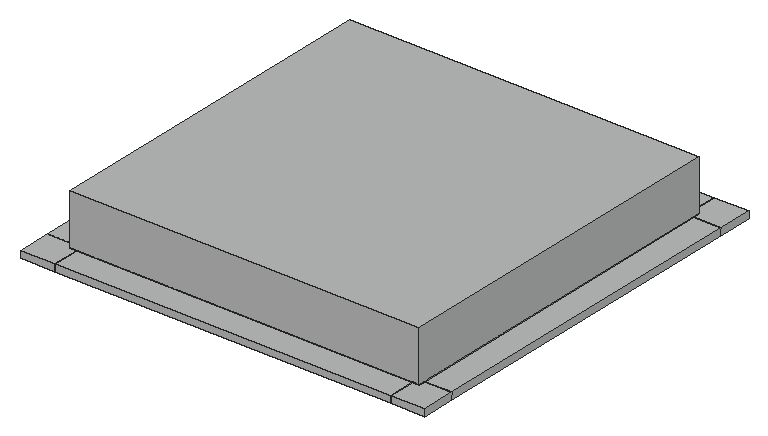
Revit family "ALUMOGIPS", category Осветительные приборы, Revit 2019 (continued)
Types (72, lengths in mm): name | Файл фотометрической сетки | built-in parameter 1150105 | Lumens | built-in parameter 1150106 | built-in parameter 1150142 | Wattage | Emit from Rectangle Width | Emit from Rectangle Length | Длина | Материал светильника | Ширина | ADSK_Ток | ADSK_Полная мощность | ADSK_Обозначение | ADSK_Номинальная мощность | ADSK_Наименование | ADSK_Масса | ADSK_Код изделия
    395 0.395 0.395 0.395 0.395 0.395 0.296 0.296 0.296 0.296 0.296 0.296 0.296 0.296 0.197 \r\n0.197 0.197 0.197 0.197 0.197 0.197 0.197 0.098 0.098 0.098 0.098 0.098 0.098 0.098 0.098 0.000 0.000 0.000 0.000 \r\n1417.637 1418.229 1415.861 1411.421 1404.415 1394.746 1382.512 1367.219 1349.656 1329.626 1307.821 1283.549 1257.403 1229.579 1199.782 1168.209 1135.155 1100.523 \r\n1064.708 1027.609 989.425 950.057 909.998 868.855 827.317 784.989 742.365 699.347 655.538 611.928 568.021 523.622 480.110 436.006 392.100 348.884 306.556 265.017 224.860 185.591 \r\n146.026 110.605 77.157 45.781 17.464 0.592 0.592 0.493 0.493 0.493 0.493 0.493 0.493 0.493 0.493 0.395 0.395 0.395 0.395 0.395 0.395 0.395 0.395 0.296 0.296 0.296 0.296 0.296 0.296 0.296 0.296 0.197 \r\n0.197 0.197 0.197 0.197 0.197 0.197 0.197 0.098 0.098 0.098 0.098 0.098 0.098 0.098 0.098 0.000 0.000 0.000 0.000 \r\n1417.637 1418.130 1415.762 1411.223 1404.218 1394.450 1382.216 1366.824 1349.261 1329.231 1307.427 1283.056 1256.910 1228.987 1199.190 1167.616 1134.563 1099.833 \r\n1064.016 1026.918 988.833 949.367 909.308 868.165 826.625 784.298 741.674 698.656 654.946 611.336 567.430 523.030 479.518 435.414 391.606 348.391 306.063 264.623 224.465 185.196 \r\n145.730 110.309 76.861 45.485 17.266 0.592 0.592 0.493 0.493 0.493 0.493 0.493 0.493 0.493 0.493 0.395 0.395 0.395 0.395 0.395 0.395 0.395 0.395 0.296 0.296 0.296 0.296 0.296 0.296 0.296 0.296 0.197 \r\n0.197 0.197 0.197 0.197 0.197 0.197 0.197 0.098 0.098 0.098 0.098 0.098 0.098 0.098 0.098 0.000 0.000 0.000 0.000 \r\n1417.637 1418.130 1415.565 1411.026 1403.922 1394.154 1381.919 1366.527 1348.866 1328.837 1306.933 1282.563 1256.416 1228.494 1198.597 1167.024 1133.873 1099.241 \r\n1063.425 1026.228 988.143 948.676 908.519 867.474 825.935 783.608 740.983 698.064 654.256 610.646 566.739 522.438 478.926 434.822 391.014 347.897 305.569 264.229 224.072 184.901 \r\n145.434 110.013 76.565 45.288 17.069 0.592 0.592 0.493 0.493 0.493 0.493 0.493 0.493 0.493 0.493 0.395 0.395 0.395 0.395 0.395 0.395 0.395 0.395 0.296 0.296 0.296 0.296 0.296 0.296 0.296 0.296 0.197 \r\n0.197 0.197 0.197 0.197 0.197 0.197 0.197 0.098 0.098 0.098 0.098 0.098 0.098 0.098 0.098 0.000 0.000 0.000 0.000 \r\n1417.637 1418.031 1415.466 1410.928 1403.725 1393.858 1381.524 1366.133 1348.472 1328.443 1306.440 1282.070 1255.824 1227.901 1198.006 1166.433 1133.280 1098.550 \r\n1062.735 1025.537 987.451 947.887 907.829 866.784 825.244 782.916 740.293 697.373 653.565 610.053 566.147 521.747 478.334 434.328 390.521 347.404 305.175 263.735 223.677 184.506 \r\n145.039 109.717 76.368 44.992 16.871 0.592 0.592 0.493 0.493 0.493 0.493 0.493 0.493 0.493 0.493 0.395 0.395 0.395 0.395 0.395 0.395 0.395 0.395 0.296 0.296 0.296 0.296 0.296 0.296 0.296 0.296 0.197 \r\n0.197 0.197 0.197 0.197 0.197 0.197 0.197 0.098 0.098 0.098 0.098 0.098 0.098 0.098 0.098 0.000 0.000 0.000 0.000 \r\n1417.637 1418.031 1415.368 1410.730 1403.527 1393.562 1381.229 1365.738 1348.077 1327.949 1306.045 1281.575 1255.331 1227.310 1197.414 1165.841 1132.689 1097.958 \r\n1062.043 1024.846 986.761 947.196 907.137 866.092 824.554 782.226 739.602 696.683 652.973 609.363 565.456 521.155 477.742 433.737 390.028 346.910 304.681 263.341 223.282 184.111 \r\n144.743 109.421 76.072 44.794 16.576 0.592 0.592 0.493 0.493 0.493 0.493 0.493 0.493 0.493 0.493 0.395 0.395 0.395 0.395 0.395 0.395 0.395 0.395 0.296 0.296 0.296 0.296 0.296 0.296 0.296 0.296 0.197 \r\n0.197 0.197 0.197 0.197 0.197 0.197 0.197 0.098 0.098 0.098 0.098 0.098 0.098 0.098 0.098 0.000 0.000 0.000 0.000 \r\n1417.637 1417.932 1415.268 1410.533 1403.232 1393.365 1380.933 1365.443 1347.682 1327.555 1305.552 1281.082 1254.837 1226.816 1196.821 1165.150 1131.998 1097.267 \r\n1061.452 1024.254 986.070 946.506 906.447 865.401 823.863 781.535 738.912 695.991 652.282 608.672 564.864 520.563 477.150 433.145 389.436 346.417 304.287 262.946 222.887 183.815 \r\n144.448 109.125 75.874 44.597 16.378 0.592 0.592 0.493 0.493 0.493 0.493 0.493 0.493 0.493 0.493 0.395 0.395 0.395 0.395 0.395 0.395 0.395 0.395 0.296 0.296 0.296 0.296 0.296 0.296 0.296 0.296 0.197 \r\n0.197 0.197 0.197 0.197 0.197 0.197 0.197 0.098 0.098 0.098 0.098 0.098 0.098 0.098 0.098 0.000 0.000 0.000 0.000 \r\n1417.637 1417.932 1415.170 1410.434 1403.034 1393.069 1380.636 1365.048 1347.287 1327.160 1305.157 1280.589 1254.344 1226.225 1196.230 1164.558 1131.406 1096.675 \r\n1060.761 1023.564 985.380 945.815 905.756 864.613 823.173 780.845 738.221 695.301 651.592 608.080 564.174 519.971 476.558 432.652 388.943 345.924 303.794 262.453 222.492 183.420 \r\n144.151 108.829 75.579 44.301 16.181 0.592 0.592 0.493 0.493 0.493 0.493 0.493 0.493 0.493 0.493 0.395 0.395 0.395 0.395 0.395 0.395 0.395 0.395 0.296 0.296 0.296 0.296 0.296 0.296 0.296 0.296 0.197 \r\n0.197 0.197 0.197 0.197 0.197 0.197 0.197 0.098 0.098 0.098 0.098 0.098 0.098 0.098 0.098 0.000 0.000 0.000 0.000 \r\n1417.637 1417.834 1415.071 1410.237 1402.837 1392.772 1380.243 1364.653 1346.892 1326.765 1304.664 1280.096 1253.752 1225.730 1195.638 1163.965 1130.814 1095.984 \r\n1060.071 1022.873 984.689 945.124 905.066 863.922 822.482 780.154 737.531 694.610 651.000 607.390 563.581 519.379 475.966 432.059 388.350 345.431 303.300 262.058 222.098 183.026 \r\n143.757 108.533 75.282 44.104 15.983 0.592 0.592 0.493 0.493 0.493 0.493 0.493 0.493 0.493 0.493 0.395 0.395 0.395 0.395 0.395 0.395 0.395 0.395 0.296 0.296 0.296 0.296 0.296 0.296 0.296 0.296 0.197 \r\n0.197 0.197 0.197 0.197 0.197 0.197 0.197 0.098 0.098 0.098 0.098 0.098 0.098 0.098 0.098 0.000 0.000 0.000 0.000 \r\n1417.637 1417.834 1414.973 1410.138 1402.541 1392.477 1379.946 1364.258 1346.499 1326.272 1304.171 1279.603 1253.259 1225.139 1195.045 1163.374 1130.123 1095.393 \r\n1059.478 1022.183 983.999 944.433 904.375 863.231 821.792 779.464 736.840 693.920 650.309 606.699 562.891 518.787 475.374 431.566 387.857 344.937 302.906 261.663 221.703 182.730 \r\n143.461 108.237 75.085 43.906 15.688 0.592 0.592 0.493 0.493 0.493 0.493 0.493 0.493 0.493 0.493 0.395 0.395 0.395 0.395 0.395 0.395 0.395 0.395 0.296 0.296 0.296 0.296 0.296 0.296 0.296 0.296 0.197 \r\n0.197 0.197 0.197 0.197 0.197 0.197 0.197 0.098 0.098 0.098 0.098 0.098 0.098 0.098 0.098 0.000 0.000 0.000 0.000 \r\n1417.637 1417.736 1414.874 1409.940 1402.344 1392.181 1379.650 1363.962 1346.104 1325.877 1303.776 1279.109 1252.766 1224.547 1194.454 1162.782 1129.531 1094.702 \r\n1058.788 1021.492 983.308 943.742 903.684 862.540 821.100 778.773 736.148 693.327 649.618 606.107 562.298 518.096 474.782 430.974 387.364 344.444 302.412 261.170 221.308 182.335 \r\n143.165 108.040 74.789 43.611 15.490 0.592 0.592 0.493 0.493 0.493 0.493 0.493 0.493 0.493 0.493 0.395 0.395 0.395 0.395 0.395 0.395 0.395 0.395 0.296 0.296 0.296 0.296 0.296 0.296 0.296 0.296 0.197 \r\n0.197 0.197 0.197 0.197 0.197 0.197 0.197 0.098 0.098 0.098 0.098 0.098 0.098 0.098 0.098 0.000 0.000 0.000 0.000 \r\n1417.637 1417.736 1414.775 1409.743 1402.146 1391.984 1379.355 1363.568 1345.709 1325.482 1303.283 1278.616 1252.272 1224.054 1193.862 1162.091 1128.940 1094.110 \r\n1058.097 1020.801 982.617 943.052 902.994 861.850 820.410 778.082 735.458 692.637 649.027 605.416 561.608 517.504 474.190 430.383 386.772 343.951 301.918 260.775 220.913 181.941 \r\n142.770 107.743 74.592 43.413 15.293 0.592 0.592 0.493 0.493 0.493 0.493 0.493 0.493 0.493 0.493 0.395 0.395 0.395 0.395 0.395 0.395 0.395 0.395 0.296 0.296 0.296 0.296 0.296 0.296 0.296 0.296 0.197 \r\n0.197 0.197 0.197 0.197 0.197 0.197 0.197 0.098 0.098 0.098 0.098 0.098 0.098 0.098 0.098 0.000 0.000 0.000 0.000 \r\n1417.637 1417.637 1414.677 1409.645 1401.851 1391.688 1378.960 1363.173 1345.314 1325.088 1302.790 1278.123 1251.680 1223.461 1193.269 1161.499 1128.249 1093.518 \r\n1057.406 1020.110 981.926 942.361 902.204 861.159 819.719 777.391 734.867 691.946 648.335 604.726 561.017 516.913 473.598 429.888 386.279 343.458 301.524 260.380 220.519 181.644 \r\n142.474 107.448 74.296 43.216 15.096 0.592 0.592 0.493 0.493 0.493 0.493 0.493 0.493 0.493 0.493 0.395 0.395 0.395 0.395 0.395 0.395 0.395 0.395 0.296 0.296 0.296 0.296 0.296 0.296 0.296 0.296 0.197 \r\n0.197 0.197 0.197 0.197 0.197 0.197 0.197 0.098 0.098 0.098 0.098 0.098 0.098 0.098 0.098 0.000 0.000 0.000 0.000 \r\n1417.637 1417.637 1414.578 1409.447 1401.653 1391.391 1378.663 1362.877 1344.920 1324.693 1302.395 1277.630 1251.187 1222.968 1192.678 1160.908 1127.657 1092.827 \r\n1056.814 1019.419 981.236 941.671 901.514 860.369 819.028 776.701 734.175 691.256 647.645 604.133 560.326 516.320 473.006 429.297 385.785 342.963 301.030 259.887 220.125 181.249 \r\n142.178 107.152 74.099 42.920 14.800 0.592 0.592 0.493 0.493 0.493 0.493 0.493 0.493 0.493 0.493 0.395 0.395 0.395 0.395 0.395 0.395 0.395 0.395 0.296 0.296 0.296 0.296 0.296 0.296 0.296 0.296 0.197 \r\n0.197 0.197 0.197 0.197 0.197 0.197 0.197 0.098 0.098 0.098 0.098 0.098 0.098 0.098 0.098 0.000 0.000 0.000 0.000 \r\n1417.637 1417.538 1414.480 1409.250 1401.456 1391.096 1378.367 1362.482 1344.525 1324.200 1301.902 1277.136 1250.693 1222.376 1192.184 1160.315 1127.064 1092.235 \r\n1056.124 1018.828 980.545 940.980 900.823 859.679 818.338 776.010 733.485 690.565 647.054 603.443 559.734 515.728 472.414 428.705 385.193 342.470 300.537 259.492 219.730 180.856 \r\n141.882 106.855 73.802 42.723 14.602 0.592 0.592 0.493 0.493 0.493 0.493 0.493 0.493 0.493 0.493 0.395 0.395 0.395 0.395 0.395 0.395 0.395 0.395 0.296 0.296 0.296 0.296 0.296 0.296 0.296 0.296 0.197 \r\n0.197 0.197 0.197 0.197 0.197 0.197 0.197 0.098 0.098 0.098 0.098 0.098 0.098 0.098 0.098 0.000 0.000 0.000 0.000 \r\n1417.637 1417.538 1414.380 1409.152 1401.258 1390.898 1378.072 1362.087 1344.130 1323.805 1301.408 1276.643 1250.200 1221.784 1191.593 1159.625 1126.374 1091.545 \r\n1055.433 1018.137 979.855 940.290 900.133 858.988 817.647 775.221 732.794 689.875 646.362 602.851 559.043 515.137 471.822 428.212 384.700 341.977 300.142 259.097 219.335 180.559 \r\n141.487 106.560 73.506 42.525 14.405 0.592 0.592 0.493 0.493 0.493 0.493 0.493 0.493 0.493 0.493 0.395 0.395 0.395 0.395 0.395 0.395 0.395 0.395 0.296 0.296 0.296 0.296 0.296 0.296 0.296 0.296 0.197 \r\n0.197 0.197 0.197 0.197 0.197 0.197 0.197 0.098 0.098 0.098 0.098 0.098 0.098 0.098 0.098 0.000 0.000 0.000 0.000 \r\n1417.637 1417.439 1414.282 1408.954 1400.963 1390.603 1377.677 1361.792 1343.735 1323.410 1301.014 1276.149 1249.608 1221.291 1191.000 1159.032 1125.782 1090.953 \r\n1054.841 1017.446 979.164 939.500 899.442 858.298 816.957 774.530 732.103 689.184 645.672 602.160 558.451 514.446 471.230 427.619 384.108 341.484 299.649 258.604 218.940 180.165 \r\n141.191 106.264 73.309 42.229 14.208 0.592 0.592 0.493 0.493 0.493 0.493 0.493 0.493 0.493 0.493 0.395 0.395 0.395 0.395 0.395 0.395 0.395 0.395 0.296 0.296 0.296 0.296 0.296 0.296 0.296 0.296 0.197 \r\n0.197 0.197 0.197 0.197 0.197 0.197 0.197 0.098 0.098 0.098 0.098 0.098 0.098 0.098 0.098 0.000 0.000 0.000 0.000 \r\n1417.637 1417.439 1414.183 1408.855 1400.765 1390.306 1377.381 1361.397 1343.341 1323.015 1300.520 1275.656 1249.114 1220.699 1190.408 1158.440 1125.190 1090.262 \r\n1054.151 1016.755 978.473 938.809 898.750 857.607 816.266 773.839 731.413 688.592 645.080 601.469 557.859 513.854 470.638 427.126 383.615 340.990 299.254 258.209 218.546 179.770 \r\n140.896 105.967 73.013 42.031 13.912 0.592 0.592 0.493 0.493 0.493 0.493 0.493 0.493 0.493 0.493 0.395 0.395 0.395 0.395 0.395 0.395 0.395 0.395 0.296 0.296 0.296 0.296 0.296 0.296 0.296 0.296 0.197 \r\n0.197 0.197 0.197 0.197 0.197 0.197 0.197 0.098 0.098 0.098 0.098 0.098 0.098 0.098 0.098 0.000 0.000 0.000 0.000 \r\n1417.637 1417.341 1414.085 1408.658 1400.568 1390.010 1377.085 1361.002 1342.947 1322.522 1300.026 1275.261 1248.621 1220.205 1189.817 1157.849 1124.598 1089.670 \r\n1053.460 1016.065 977.881 938.119 898.060 856.917 815.575 773.149 730.722 687.901 644.390 600.877 557.168 513.262 470.046 426.534 383.121 340.497 298.761 257.814 218.151 179.473 \r\n140.501 105.672 72.816 41.835 13.714 0.592 0.592 0.493 0.493 0.493 0.493 0.493 0.493 0.493 0.493 0.395 0.395 0.395 0.395 0.395 0.395 0.395 0.395 0.296 0.296 0.296 0.296 0.296 0.296 0.296 0.296 0.197 \r\n0.197 0.197 0.197 0.197 0.197 0.197 0.197 0.098 0.098 0.098 0.098 0.098 0.098 0.098 0.098 0.000 0.000 0.000 0.000 \r\n1417.637 1417.341 1413.986 1408.461 1400.271 1389.715 1376.789 1360.608 1342.552 1322.128 1299.632 1274.768 1248.128 1219.614 1189.224 1157.256 1123.907 1088.980 \r\n1052.868 1015.374 977.191 937.428 897.369 856.127 814.884 772.458 730.032 687.211 643.698 600.187 556.577 512.670 469.454 425.942 382.529 340.004 298.268 257.321 217.756 179.080 \r\n140.204 105.376 72.520 41.538 13.517 0.592 0.592 0.493 0.493 0.493 0.493 0.493 0.493 0.493 0.493 0.395 0.395 0.395 0.395 0.395 0.395 0.395 0.395 0.296 0.296 0.296 0.296 0.296 0.296 0.296 0.296 0.197 \r\n0.197 0.197 0.197 0.197 0.197 0.197 0.197 0.098 0.098 0.098 0.098 0.098 0.098 0.098 0.098 0.000 0.000 0.000 0.000 \r\n1417.637 1417.242 1413.789 1408.362 1400.075 1389.517 1376.394 1360.311 1342.157 1321.733 1299.138 1274.274 1247.536 1219.022 1188.632 1156.566 1123.315 1088.388 \r\n1052.177 1014.684 976.500 936.738 896.581 855.436 814.194 771.768 729.341 686.519 643.107 599.496 555.885 512.078 468.862 425.449 382.035 339.511 297.873 256.926 217.362 178.685 \r\n139.909 105.079 72.223 41.341 13.221 0.592 0.592 0.493 0.493 0.493 0.493 0.493 0.493 0.493 0.493 0.395 0.395 0.395 0.395 0.395 0.395 0.395 0.395 0.296 0.296 0.296 0.296 0.296 0.296 0.296 0.296 0.197 \r\n0.197 0.197 0.197 0.197 0.197 0.197 0.197 0.098 0.098 0.098 0.098 0.098 0.098 0.098 0.098 0.000 0.000 0.000 0.000 \r\n1417.637 1417.242 1413.690 1408.165 1399.877 1389.220 1376.098 1359.917 1341.762 1321.339 1298.645 1273.781 1247.043 1218.528 1188.041 1155.974 1122.723 1087.697 \r\n1051.487 1013.993 975.810 936.046 895.889 854.746 813.503 771.077 728.650 685.829 642.416 598.904 555.294 511.486 468.270 424.857 381.542 339.018 297.380 256.533 216.967 178.389 \r\n139.613 104.882 72.026 41.143 13.024 0.592 0.592 0.493 0.493 0.493 0.493 0.493 0.493 0.493 0.493 0.395 0.395 0.395 0.395 0.395 0.395 0.395 0.395 0.296 0.296 0.296 0.296 0.296 0.296 0.296 0.296 0.197 \r\n0.197 0.197 0.197 0.197 0.197 0.197 0.197 0.098 0.098 0.098 0.098 0.098 0.098 0.098 0.098 0.000 0.000 0.000 0.000 \r\n1417.637 1417.143 1413.592 1407.967 1399.580 1388.925 1375.803 1359.523 1341.367 1320.845 1298.250 1273.288 1246.550 1217.936 1187.448 1155.382 1122.032 1087.105 \r\n1050.894 1013.401 975.119 935.356 895.199 854.055 812.813 770.386 727.959 685.138 641.725 598.213 554.603 510.795 467.678 424.265 380.951 338.524 296.887 256.038 216.573 177.994 \r\n139.218 104.586 71.730 40.848 12.826 0.592 0.592 0.493 0.493 0.493 0.493 0.493 0.493 0.493 0.493 0.395 0.395 0.395 0.395 0.395 0.395 0.395 0.395 0.296 0.296 0.296 0.296 0.296 0.296 0.296 0.296 0.197 \r\n0.197 0.197 0.197 0.197 0.197 0.197 0.197 0.098 0.098 0.098 0.098 0.098 0.098 0.098 0.098 0.000 0.000 0.000 0.000 \r\n1417.637 1417.143 1413.492 1407.869 1399.383 1388.629 1375.506 1359.226 1340.973 1320.451 1297.757 1272.795 1246.056 1217.443 1186.856 1154.790 1121.441 1086.414 \r\n1050.204 1012.711 974.428 934.665 894.508 853.365 812.122 769.695 727.269 684.448 641.134 597.523 554.011 510.203 467.086 423.772 380.457 338.031 296.492 255.645 216.178 177.599 \r\n138.922 104.291 71.533 40.650 12.629 0.592 0.592 0.592 0.493 0.493 0.493 0.493 0.493 0.493 0.493 0.395 0.395 0.395 0.395 0.395 0.395 0.395 0.395 0.296 0.296 0.296 0.296 0.296 0.296 0.296 0.296 0.197 \r\n0.197 0.197 0.197 0.197 0.197 0.197 0.197 0.098 0.098 0.098 0.098 0.098 0.098 0.098 0.098 0.000 0.000 0.000 0.000 \r\n1417.637 1417.044 1413.394 1407.671 1399.187 1388.333 1375.111 1358.832 1340.578 1320.056 1297.264 1272.301 1245.464 1216.851 1186.264 1154.099 1120.849 1085.822 \r\n1049.513 1012.020 973.737 933.975 893.818 852.575 811.432 769.004 726.578 683.855 640.443 596.930 553.321 509.611 466.494 423.180 379.964 337.537 295.999 255.250 215.783 177.304 \r\n138.626 103.994 71.237 40.453 12.333 0.592 0.592 0.592 0.493 0.493 0.493 0.493 0.493 0.493 0.493 0.395 0.395 0.395 0.395 0.395 0.395 0.395 0.395 0.296 0.296 0.296 0.296 0.296 0.296 0.296 0.296 0.197 \r\n0.197 0.197 0.197 0.197 0.197 0.197 0.197 0.09
